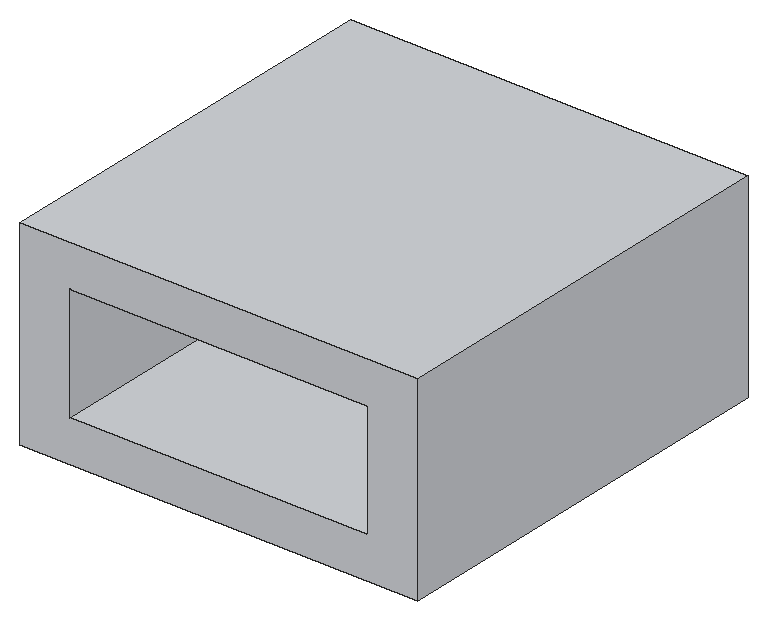
Revit family "20. 5er Set Wichmann TW90 Faltbox EF", category HLS-Bauteile, Revit 2018
Family settings
  Basisbauteil = Wand
  Bemaßung runder Anschluss = Durchmesser verwenden
  Teiletyp = Normal
  Immer vertikal = Ja
  Beim Laden mit Abzugskörper schneiden = Nein
  Gemeinsam genutzt = Nein
  Raumberechnungspunkt = Nein
Parameters (values of type "5er Set TW90 Faltbox EF, 60x120x125 mm")
  Wandbreite [instance] = 300 mm
  Rohbauöffnung = yes
  Höhe UK Durchbruch = Höhe - Abst  # 1680 mm
  Höhe Rohbauöffnung = 90 mm
  Höhe Innenmaß = 35 mm
  Höhe Außenmaß = 60 mm
  Höhe = 1725 mm
  HAN = "VEFFB60120125"
  Breite Rohbauöffnung = 140 mm
  Breite Innenmaß = 90 mm
  Breite Außenmaß = 120 mm
  Bautiefe = 125 mm
  Abst = Höhe Rohbauöffnung / 2  # 45 mm
  Ab0 [instance] = 0.5 * (Breite Rohbauöffnung - Breite Außenmaß)  # 10 mm
  Ah0 [instance] = 0.5 * (Höhe Rohbauöffnung - Höhe Außenmaß)  # 15 mm
Types (10, lengths in mm): name | HAN | Breite Rohbauöffnung | Breite Innenmaß | Breite Außenmaß | Bautiefe
  5er Set TW90 Faltbox EF, 60x160x150 mm | "VEFFB60160150" | 180 | 130 | 160 | 150
  5er Set TW90 Faltbox EF, 60x240x150 mm | "VEFFB60240150" | 260 | 210 | 240 | 150
  5er Set TW90 Faltbox EF, 60x280x125 mm | "VEFFB60280125" | 300 | 250 | 280 | 125
  5er Set TW90 Faltbox EF, 60x280x150 mm | "VEFFB60280150" | 300 | 250 | 280 | 150
  5er Set TW90 Faltbox EF, 60x120x125 mm | "VEFFB60120125" | 140 | 90 | 120 | 125
  5er Set TW90 Faltbox EF, 60x120x150 mm | "VEFFB60120150" | 140 | 90 | 120 | 150
  5er Set TW90 Faltbox EF, 60x160x125 mm | "VEFFB60160125" | 180 | 130 | 160 | 125
  5er Set TW90 Faltbox EF, 60x200x125 mm | "VEFFB60200125" | 220 | 170 | 200 | 125
  5er Set TW90 Faltbox EF, 60x200x150 mm | "VEFFB60200150" | 220 | 170 | 200 | 150
  5er Set TW90 Faltbox EF, 60x240x125 mm | "VEFFB60240125" | 260 | 210 | 240 | 125
Reference planes
  plane 1 "Wand": y = 0
  plane 2 "Mitte (Links/rechts)": x = 125
  plane 3 "Hinten": y = 150
  plane 4: y = 135
  plane 5: y = 10
  plane 6: z = 1725
  plane 7 "Vorne": y = -150
  plane 8: x = 65
  plane 9: x = 55
  plane 10: x = 80
  plane 11: x = 185
  plane 12: x = 195
  plane 13: x = 170
  plane 14: z = 1755
  plane 15: z = 1770
  plane 16: z = 1742.5
  plane 17: z = 1695
  plane 18: z = 1680
  plane 19: z = 1707.5
Forms (mm)
  Extrusion 1, solid
    sketch origin (0, 0, 0) x (1, 0, 0) y (0, 0, 1)
      loop
        line (65, 1755) -> (65, 1695) -> (185, 1695) -> (185, 1755) -> (65, 1755)
      loop
        line (80, 1742.5) -> (80, 1707.5) -> (170, 1707.5) -> (170, 1742.5) -> (80, 1742.5)
    from -135 to -10
Text (mm)
  text "Placement Side" at (-1848.837, 1116.779, 0), in view "Ref.-Ebene"
  text "Placement side" at (0, 1409.804, 2854.306), in view "Links"
  text "Placement side" at (0, 499.811, 2980.732), in view "Rechts"
Dimensions and locks
  locked: plane 3 "Hinten" to host wall
  "Bautiefe": plane 4 to plane 5
  "Wandbreite": plane 7 "Vorne" to plane 3 "Hinten"
  equal spacing: plane 7 "Vorne", host wall, plane 3 "Hinten"
  equal spacing: nested 1, plane 2 "Mitte (Links/rechts)", nested 1
  equal spacing: nested 1, plane 6, nested 1
  equal spacing: plane 13, plane 2 "Mitte (Links/rechts)", plane 10
  "Breite Innenmaß": plane 13 to plane 10
  equal spacing: plane 11, plane 2 "Mitte (Links/rechts)", plane 8
  "Breite Außenmaß": plane 11 to plane 8
  equal spacing: plane 12, plane 2 "Mitte (Links/rechts)", plane 9
  "Breite Rohbauöffnung": plane 12 to plane 9
  equal spacing: plane 16, plane 6, plane 19
  equal spacing: plane 14, plane 6, plane 17
  equal spacing: plane 15, plane 6, plane 18
  "Höhe Innenmaß": plane 16 to plane 19
  "Höhe Außenmaß": plane 14 to plane 17
  "Höhe Rohbauöffnung": plane 15 to plane 18
  aligned and locked: plane 1 "Wand" to host wall
  aligned and locked: Extrusion 1 sketch curve to plane 14
  aligned and locked: plane 8 to Extrusion 1 sketch curve
  aligned and locked: Extrusion 1 sketch curve to plane 17
  aligned and locked: plane 11 to Extrusion 1 sketch curve
  aligned and locked: Extrusion 1 sketch curve to plane 16
  aligned and locked: plane 10 to Extrusion 1 sketch curve
  aligned and locked: Extrusion 1 sketch curve to plane 19
  aligned and locked: plane 13 to Extrusion 1 sketch curve
  aligned and locked: plane 4 to Extrusion 1
  aligned and locked: Extrusion 1 to plane 5
Nested families
  nested 1: "Wandöffnung rechteckig" at (0, 0, -170.446), visible <- "Rohbauöffnung", Breite Aussparung <- "Breite Rohbauöffnung", Höhe Aussparung <- "Höhe Rohbauöffnung", built-in parameter 1001360 <- "Höhe UK Durchbruch", Ab <- "Ab0", Ah <- "Ah0", type "WD"
    with Vorzeichen Umkehrung -10 mm, Unterer virtueller Schnittkörper 10 mm, Tiefe Aussparung 100 mm, Oberer virtueller Schnittkörper 10 mm, Linien verdeckt Ansicht no, Linien verdeckt no, Linien ausgezogen Ansicht yes, Linien ausgezogen yes, Höhe Aussparung 90 mm, Breite Aussparung 140 mm, Aussparung verdeckt no, Aussparung undurchsichtig yes, Aussparung höhenbezogen darstellen yes, Ausklinkungsansicht (nur bei Schatten) 10 mm, Ah 15 mm, Ab 10 mm, A2 60 mm, A1 120 mm, 2D Symbol Schnitt none, 2D Symbol Grundriss none, 2D Symbol Ansicht none
Definition of nested family "Wandöffnung rechteckig"
  Parameters (values of type "WD")
    Wandbreite [instance] = 150 mm
    Oberer virtueller Schnittkörper [instance] = 10 mm
    Vorzeichen Umkehrung [instance] = -1 * Unterer virtueller Schnittkörper  # -10 mm
    Präfix Beschriftung Aussparung = "B/H/T ="
    Aussparung verdeckt [instance] = or(Oberer virtueller Schnittkörper > Höhe Aussparung / 2, Unterer virtueller Schnittkörper > Höhe Aussparung / 2)  # no
    Breite Aussparung [instance] = 1000 mm
    Aussparung undurchsichtig [instance] = not(Linien verdeckt)  # yes
    Aussparung höhenbezogen darstellen [instance] = yes
    Höhe Aussparung [instance] = 1400 mm
    Tiefe2 Aussparung [instance] = if(Durchbruch, Wandbreite, if(not(Tiefe Aussparung < Wandbreite), Wandbreite - 10 mm, Tiefe Aussparung))  # 150 mm
    Tiefe Aussparung [instance] = 100 mm
    Ausklinkung Grundriss (nur bei Schatten) [instance] = if(and(Tiefe2 Aussparung > 400 mm, Breite Aussparung > 400 mm), 80 mm, if(Tiefe2 Aussparung < Breite Aussparung, Tiefe2 Aussparung * 0.2, Breite Aussparung * 0.2))  # 30 mm
    Ausklinkungsansicht (nur bei Schatten) [instance] = Ab  # 50 mm
    Kerbenschnitt (nur bei Schatten) [instance] = if(and(Tiefe2 Aussparung > 400 mm, Höhe Aussparung > 400 mm), 80 mm, if(Tiefe2 Aussparung < Höhe Aussparung, Tiefe2 Aussparung * 0.2, Höhe Aussparung * 0.2))  # 30 mm
    Unterer virtueller Schnittkörper [instance] = 10 mm
    Linien ausgezogen Ansicht [instance] = Durchbruch  # yes
    Linien ausgezogen [instance] = not(Linien verdeckt)  # yes
    Verdeckt außerhalb Maskierung [instance] = Wandbreite < 0 mm  # no
    Linien verdeckt Ansicht [instance] = not(Durchbruch)  # no
    Linien verdeckt [instance] = and(Aussparung verdeckt, Aussparung höhenbezogen darstellen)  # no
    Durchbruch = yes
    Aussparung Tiefe2 [instance] = if(Durchbruch, Wandbreite, if(not(Tiefe Aussparung < Wandbreite), Wandbreite - 10 mm, Tiefe Aussparung))  # 150 mm
    Ah [instance] = 50 mm
    A2 [instance] = Höhe Aussparung - 2 * Ah  # 1300 mm
    A1 [instance] = Breite Aussparung - 2 * Ab  # 900 mm
    Ab [instance] = 50 mm
    2D Symbol Ansicht [instance] = Schatten gefüllt : Schatten gefüllt
    2D Symbol Schnitt [instance] = Kreuz : Kreuz
    2D Symbol Grundriss [instance] = Kreuz : Kreuz
  Reference planes
    plane 1 "Wand": y = 0
    plane 2 "Mitte (Links/rechts)": x = 125
    plane 3 "Hinten": y = 75
    plane 4: z = 1940.446
    plane 5 "Mitte (Oben/Unten)": z = 1240.446
    plane 6: z = 540.446
    plane 7: x = 625
    plane 8: x = -375
    plane 9: y = 0
    plane 10 "Vorn": y = -75
    plane 11 "Gegenüber": y = -75
    plane 12: x = 575
    plane 13: x = -325
    plane 14: z = 1890.446
    plane 15: z = 590.446
  Forms (mm)
    Extrusion 1, void
      sketch origin (0, 75, -100) x (1, 0, 0) y (0, 0, 1)
        loop
          line (625, 2040.446) -> (-375, 2040.446) -> (-375, 640.446) -> (625, 640.446) -> (625, 2040.446)
      from 0 to 150
  Text (mm)
    text "Platzierungsseite" at (-1848.837, 1116.779, 0), in view "Ref.-Ebene"
    text "Platzierungsseite" at (0, 1409.804, 2854.306), in view "Links"
    text "Platzierungsseite" at (0, 499.811, 2980.732), in view "Rechts"
  Dimensions and locks
    locked: plane 3 "Hinten" to host wall
    equal spacing: plane 8, plane 2 "Mitte (Links/rechts)", plane 7
    "Breite Aussparung": plane 8 to plane 7
    equal spacing: plane 6, plane 5 "Mitte (Oben/Unten)", plane 4
    "Höhe Aussparung": plane 6 to plane 4
    "Wandbreite": host wall to host wall
    equal spacing: plane 3 "Hinten", plane 9, plane 10 "Vorn"
    "Tiefe2 Aussparung": plane 10 "Vorn" to plane 3 "Hinten"
    "Ab": plane 8 to plane 13
    "Ab": plane 7 to plane 12
    "Ah": plane 15 to plane 6
    "Ah": plane 4 to plane 14
    aligned and locked: plane 1 "Wand" to host wall
    aligned and locked: nested 2 to plane 9
    aligned and locked: plane 10 "Vorn" to nested 2
    aligned and locked: nested 1 to plane 9
    aligned and locked: plane 4 to Extrusion 1
    aligned and locked: Extrusion 1 to plane 6
    aligned and locked: plane 8 to Extrusion 1
    aligned and locked: Extrusion 1 to plane 7
    aligned and locked: plane 10 "Vorn" to Extrusion 1
    aligned and locked: Extrusion 1 to plane 3 "Hinten"
    aligned and locked: plane 5 "Mitte (Oben/Unten)" to nested 1
    aligned and locked: plane 11 "Gegenüber" to host wall
    aligned and locked: plane 5 "Mitte (Oben/Unten)" to nested 3
    aligned and locked: plane 2 "Mitte (Links/rechts)" to nested 3
    aligned and locked: plane 5 "Mitte (Oben/Unten)" to nested 4
    aligned and locked: plane 2 "Mitte (Links/rechts)" to nested 4
    aligned and locked: plane 2 "Mitte (Links/rechts)" to nested 5
    aligned and locked: nested 5 to plane 9
    aligned and locked: plane 5 "Mitte (Oben/Unten)" to nested 6
    aligned and locked: nested 6 to host wall
  Automatic sketch dimensions
    plane 4 to Extrusion 1 sketch curve = 0 mm
    plane 8 to Extrusion 1 sketch curve = 0 mm
    Extrusion 1 sketch curve to plane 6 = 0 mm
    plane 7 to Extrusion 1 sketch curve = 0 mm
  Nested families
    nested 1: "Kreuz" at (125, 0, 1240.446) x (0, -1, 0) z (1, 0, 0), Tiefe <- "A2", Breite <- "Tiefe2 Aussparung", type <- "2D Symbol Schnitt", Wand maskieren <- "Verdeckt außerhalb Maskierung", Verdeckte Linien <- "Verdeckt außerhalb Maskierung", type "Kreuz"
      with Wand maskieren no, Verdeckte Linien no, Tiefe 1300 mm, Linien ausgezogen yes, Füllungssymbol yes, Breite 150 mm
    nested 2: "Kreuz" at (125, 0, 1240.446), Breite <- "A1", Tiefe <- "Tiefe2 Aussparung", Wand maskieren <- "Aussparung undurchsichtig", Linien ausgezogen <- "Linien ausgezogen", Verdeckte Linien <- "Linien verdeckt", type <- "2D Symbol Grundriss", type "Kreuz"
      with Wand maskieren yes, Verdeckte Linien no, Tiefe 150 mm, Linien ausgezogen yes, Füllungssymbol yes, Breite 900 mm
    nested 3: "Schatten gefüllt" at (125, 75, 1240.446) x (-1, 0, 0) z (0, -1, 0), Tiefe <- "Höhe Aussparung", Breite <- "Breite Aussparung", Wand maskieren <- "Verdeckt außerhalb Maskierung", Verdeckte Linien <- "Verdeckt außerhalb Maskierung", type <- "2D Symbol Ansicht", Ah0 <- "Ah", Ab0 <- "Ab", type "Schatten gefüllt"
      with Wand maskieren no, Verdeckte Linien no, Tiefe 1400 mm, Linien ausgezogen yes, Füllungssymbol yes, Breite 1000 mm, Ah0 50 mm, Ab0 50 mm
    nested 4: "Schatten gefüllt" at (125, -75, 1240.446) x (-1, 0, 0) z (0, -1, 0), Tiefe <- "Höhe Aussparung", Wand maskieren <- "Verdeckt außerhalb Maskierung", Füllungssymbol <- "Verdeckt außerhalb Maskierung", Linien ausgezogen <- "Linien ausgezogen Ansicht", Verdeckte Linien <- "Linien verdeckt Ansicht", Breite <- "Breite Aussparung", type <- "2D Symbol Ansicht", Ab0 <- "Ab", Ah0 <- "Ah", type "Schatten gefüllt"
      with Wand maskieren no, Verdeckte Linien no, Tiefe 1400 mm, Linien ausgezogen yes, Füllungssymbol no, Breite 1000 mm, Ah0 50 mm, Ab0 50 mm
    nested 5: "LoMoChuNhat" at (125, 0, 0), B <- "Breite Aussparung", T <- "Tiefe2 Aussparung", type "LoMoChuNhat"
      with Wand maskieren yes, Verdeckte Linien yes, T 150 mm, Linien ausgezogen yes, Füllungssymbol yes, B 1000 mm
    nested 6: "LoMoChuNhat" at (125, 0, 1240.446) x (0, 0, 1) z (1, 0, 0), B <- "Höhe Aussparung", T <- "Tiefe2 Aussparung", type "LoMoChuNhat"
      with Wand maskieren yes, Verdeckte Linien yes, T 150 mm, Linien ausgezogen yes, Füllungssymbol yes, B 1400 mm
  Definition of nested family "Kreuz"
    Parameters (values of type "Kreuz gefüllt")
      Breite [instance] = 200 mm
      Wand maskieren [instance] = yes
      Linien ausgezogen [instance] = yes
      Verdeckte Linien [instance] = yes
      Füllungssymbol [instance] = yes
      Tiefe [instance] = 100 mm
    Reference planes
      plane 1 "Mitte ( Vorne/hinten)": y = 0
      plane 2: z = 0
      plane 3 "Mitte (Links/rechts)": x = 0
      plane 4: y = 50
      plane 5: x = -100
      plane 6: x = 100
      plane 7: y = -50
    Lines and regions (mm)
      Masking region 1, in view "Ref.-Ebene", visible <- "Wand maskieren"
        outline origin (0, 0, 0) x (1, 0, 0) y (0, 1, 0)
          loop
            line (-100, -50) -> (0, 0) -> (-100, 50) -> (-100, -50)
      Masking region 2, in view "Ref.-Ebene", visible <- "Wand maskieren"
        outline origin (0, 0, 0) x (0, 1, 0) y (-1, 0, 0)
          loop
            line (-50, -100) -> (50, -100) -> (0, 0) -> (-50, -100)
      Masking region 3, in view "Ref.-Ebene", visible <- "Wand maskieren"
        outline origin (0, 0, 0) x (1, 0, 0) y (0, 1, 0)
          loop
            line (-100, 50) -> (0, 0) -> (100, 50) -> (-100, 50)
      Masking region 4, in view "Ref.-Ebene", visible <- "Wand maskieren"
        outline origin (0, 0, 0) x (0, -1, 0) y (1, 0, 0)
          loop
            line (50, -100) -> (50, 100) -> (0, 0) -> (50, -100)
      detail lines, in view "Ref.-Ebene", visible <- "Linien ausgezogen"
        curve 1: line (-100, 50, 0) -> (100, 50, 0)
        curve 2: line (-100, -50, 0) -> (-100, 50, 0)
        curve 3: line (100, -50, 0) -> (-100, -50, 0)
        curve 4: line (100, 50, 0) -> (100, -50, 0)
        curve 5: line (-100, -50, 0) -> (100, 50, 0)
        curve 6: line (-100, 50, 0) -> (100, -50, 0)
      detail lines, in view "Ref.-Ebene", visible <- "Verdeckte Linien"
        curve 7: line (-100, 50, 0) -> (100, 50, 0)
        curve 8: line (-100, -50, 0) -> (-100, 50, 0)
        curve 9: line (100, -50, 0) -> (-100, -50, 0)
        curve 10: line (100, 50, 0) -> (100, -50, 0)
        curve 11: line (-100, 50, 0) -> (100, -50, 0)
        curve 12: line (-100, -50, 0) -> (100, 50, 0)
    Dimensions and locks
      equal spacing: plane 5, plane 3 "Mitte (Links/rechts)", plane 6
      equal spacing: plane 4, plane 1 "Mitte ( Vorne/hinten)", plane 7
      "Breite": plane 5 to plane 6
      "Tiefe": plane 4 to plane 7
      aligned and locked: curve 1 to plane 4
      aligned and locked: curve 3 to plane 7
      aligned and locked: Masking region 1 sketch curve to curve 2
      aligned and locked: Masking region 1 sketch curve to curve 6
      aligned and locked: Masking region 1 sketch curve to curve 5
      aligned and locked: Masking region 2 sketch curve to plane 6
      aligned and locked: Masking region 2 sketch curve to curve 5
      aligned and locked: Masking region 2 sketch curve to curve 6
      aligned and locked: Masking region 3 sketch curve to curve 1
      aligned and locked: Masking region 3 sketch curve to curve 6
      aligned and locked: curve 5 to Masking region 3 sketch curve
      aligned and locked: plane 7 to Masking region 4 sketch curve
      aligned and locked: curve 6 to Masking region 4 sketch curve
      aligned and locked: Masking region 4 sketch curve to curve 5
      aligned and locked: plane 6 to curve 10
      aligned and locked: plane 5 to curve 8
  Definition of nested family "Schatten gefüllt"
    Parameters (values of type "Schatten gefüllt")
      Wand maskieren [instance] = yes
      Linien ausgezogen [instance] = yes
      Verdeckte Linien [instance] = no
      Ab0 [instance] = 30 mm
      Füllungssymbol [instance] = yes
      Tiefe [instance] = 100 mm
      Breite [instance] = 200 mm
      Assembly Code = ""
      Ah0 [instance] = 30 mm
    Reference planes
      plane 1 "Mitte ( Vorne/hinten)": y = 0
      plane 2: z = 0
      plane 3 "Mitte (Links/rechts)": x = 0
      plane 4: y = 50
      plane 5: x = -100
      plane 6: x = 100
      plane 7: y = -50
      plane 8: y = 20
      plane 9: x = -70
    Lines and regions (mm)
      Filled region 1, type "Schwarz", in view "Referenzebene.", visible <- "Füllungssymbol"
        outline origin (0, 0, 0) x (0, 1, 0) y (-1, 0, 0)
          loop
            line (50, -100) -> (50, 100) -> (-50, 100) -> (20, 70) -> (50, -100)
      Masking region 1, in view "Referenzebene.", visible <- "Wand maskieren"
        outline origin (0, 0, 0) x (0, 1, 0) y (-1, 0, 0)
          loop
            line (-50, -100) -> (50, -100) -> (20, 70) -> (-50, 100) -> (-50, -100)
      detail lines, in view "Referenzebene.", visible <- "Linien ausgezogen"
        curve 1: line (100, 50, 0) -> (-100, 50, 0)
        curve 2: line (100, -50, 0) -> (100, 50, 0)
        curve 3: line (-100, -50, 0) -> (100, -50, 0)
        curve 4: line (-100, 50, 0) -> (-100, -50, 0)
        curve 5: line (100, 50, 0) -> (-70, 20, 0)
        curve 6: line (-70, 20, 0) -> (-100, -50, 0)
      detail lines, in view "Referenzebene.", visible <- "Verdeckte Linien"
        curve 7: line (100, 50, 0) -> (-100, 50, 0)
        curve 8: line (100, -50, 0) -> (100, 50, 0)
        curve 9: line (-100, -50, 0) -> (100, -50, 0)
        curve 10: line (-100, 50, 0) -> (-100, -50, 0)
        curve 11: line (100, 50, 0) -> (-70, 20, 0)
        curve 12: line (-70, 20, 0) -> (-100, -50, 0)
    Dimensions and locks
      equal spacing: plane 5, plane 3 "Mitte (Links/rechts)", plane 6
      "Breite": plane 5 to plane 6
      equal spacing: plane 4, plane 1 "Mitte ( Vorne/hinten)", plane 7
      "Tiefe": plane 7 to plane 4
      "Ah0": plane 4 to plane 8
      "Ab0": plane 5 to plane 9
      aligned and locked: Masking region 1 sketch curve to curve 11
      aligned and locked: Masking region 1 sketch curve to curve 12
      aligned and locked: plane 7 to Masking region 1 sketch curve
      aligned and locked: Masking region 1 sketch curve to plane 6
      aligned and locked: Filled region 1 sketch curve to plane 5
      aligned and locked: plane 4 to Filled region 1 sketch curve
      aligned and locked: curve 4 to plane 5
      aligned and locked: curve 2 to plane 6
      aligned and locked: plane 4 to curve 1
      aligned and locked: plane 7 to curve 3
      aligned and locked: Filled region 1 sketch curve to curve 6
      aligned and locked: Filled region 1 sketch curve to curve 11
    Automatic sketch dimensions
      Masking region 1 sketch curve to plane 8 = 0 mm
      Masking region 1 sketch curve to plane 4 = 0 mm
      Masking region 1 sketch curve to plane 9 = 0 mm
      Masking region 1 sketch curve to plane 5 = 0 mm
  Definition of nested family "LoMoChuNhat"
    Parameters (values of type "LoMoChuNhat")
      B [instance] = 200 mm
      Wand maskieren [instance] = yes
      Linien ausgezogen [instance] = yes
      Verdeckte Linien [instance] = yes
      Füllungssymbol [instance] = yes
      T [instance] = 100 mm
    Reference planes
      plane 1 "Mitte ( Vorne/hinten)": y = 0
      plane 2: z = 0
      plane 3 "Mitte (Links/rechts)": x = 0
      plane 4: y = 50
      plane 5: x = -100
      plane 6: x = 100
      plane 7: y = -50
    Lines and regions (mm)
      Masking region 1, in view "Ref.-Ebene", visible <- "Wand maskieren"
        outline origin (0, 0, 0) x (1, 0, 0) y (0, 1, 0)
          loop
            line (-100, -50) -> (0, 0) -> (-100, 50) -> (-100, -50)
      Masking region 2, in view "Ref.-Ebene", visible <- "Wand maskieren"
        outline origin (0, 0, 0) x (0, 1, 0) y (-1, 0, 0)
          loop
            line (-50, -100) -> (50, -100) -> (0, 0) -> (-50, -100)
      Masking region 3, in view "Ref.-Ebene", visible <- "Wand maskieren"
        outline origin (0, 0, 0) x (1, 0, 0) y (0, 1, 0)
          loop
            line (-100, 50) -> (0, 0) -> (100, 50) -> (-100, 50)
      Masking region 4, in view "Ref.-Ebene", visible <- "Wand maskieren"
        outline origin (0, 0, 0) x (0, -1, 0) y (1, 0, 0)
          loop
            line (50, -100) -> (50, 100) -> (0, 0) -> (50, -100)
      detail lines, in view "Ref.-Ebene", visible <- "Linien ausgezogen"
        curve 1: line (-100, 50, 0) -> (100, 50, 0)
        curve 2: line (-100, -50, 0) -> (-100, 50, 0)
        curve 3: line (100, -50, 0) -> (-100, -50, 0)
        curve 4: line (100, 50, 0) -> (100, -50, 0)
      detail lines, in view "Ref.-Ebene", visible <- "Verdeckte Linien"
        curve 5: line (-100, 50, 0) -> (100, 50, 0)
        curve 6: line (-100, -50, 0) -> (-100, 50, 0)
        curve 7: line (100, -50, 0) -> (-100, -50, 0)
        curve 8: line (100, 50, 0) -> (100, -50, 0)
    Dimensions and locks
      equal spacing: plane 5, plane 3 "Mitte (Links/rechts)", plane 6
      equal spacing: plane 4, plane 1 "Mitte ( Vorne/hinten)", plane 7
      "B": plane 5 to plane 6
      "T": plane 4 to plane 7
      aligned and locked: curve 1 to plane 4
      aligned and locked: curve 3 to plane 7
      aligned and locked: Masking region 1 sketch curve to curve 2
      aligned and locked: Masking region 2 sketch curve to plane 6
      aligned and locked: Masking region 3 sketch curve to curve 1
      aligned and locked: plane 7 to Masking region 4 sketch curve
      aligned and locked: plane 6 to curve 8
      aligned and locked: plane 5 to curve 6
    Automatic sketch dimensions
      plane 1 "Mitte ( Vorne/hinten)" to Masking region 1 sketch curve = 0 mm
      plane 7 to Masking region 1 sketch curve = 0 mm
      plane 1 "Mitte ( Vorne/hinten)" to Masking region 2 sketch curve = 0 mm
      Masking region 2 sketch curve to plane 4 = 0 mm
      plane 1 "Mitte ( Vorne/hinten)" to Masking region 3 sketch curve = 0 mm
      Masking region 3 sketch curve to plane 6 = 0 mm
      plane 1 "Mitte ( Vorne/hinten)" to Masking region 4 sketch curve = 0 mm
      Masking region 4 sketch curve to plane 5 = 0 mm
      Masking region 1 sketch curve to plane 3 "Mitte (Links/rechts)" = 0 mm
      Masking region 1 sketch curve to plane 4 = 0 mm
      plane 7 to Masking region 2 sketch curve = 0 mm
      Masking region 2 sketch curve to plane 3 "Mitte (Links/rechts)" = 0 mm
      Masking region 3 sketch curve to plane 5 = 0 mm
      Masking region 3 sketch curve to plane 3 "Mitte (Links/rechts)" = 0 mm
      Masking region 4 sketch curve to plane 3 "Mitte (Links/rechts)" = 0 mm
      Masking region 4 sketch curve to plane 6 = 0 mm
